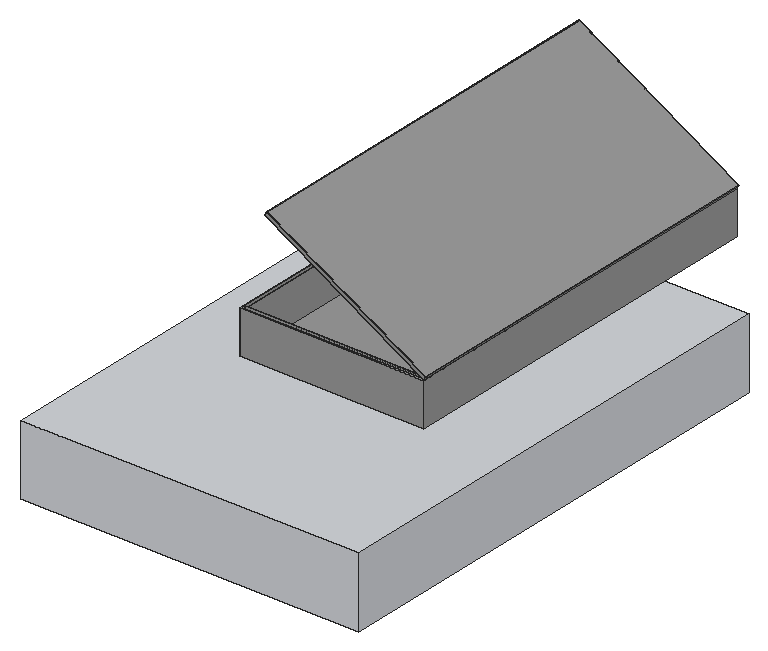
Revit family "Hager-Univers-IP44-D205-H1700-Cl.I-Encl-CH-en", category Equipement électrique, Revit 2020
Family settings
  Hôte = Face
  Configuration du panneau = Deux colonnes, circuits au sein
  Cote de connecteur circulaire = Utiliser le diamètre
  Type d'élément = Tableau de raccordement
  Couper avec des vides une fois chargée = Non
  Partagée = Non
  Point de calcul de pièce = Non
Parameters (values of type "Surface mounted (plaster) IP44 W800 H1700 D205  - FP13TN2")
  Width Control [instance] = if([EF000008 - Width] > Min Width, [EF000008 - Width], Min Width)  # 800 mm
  Commentaires du type = [HG000003 - Range]  # "Univers"
  Thickness Door [instance] = if([EF009171 - Material plate thickness door/cover] > 3 mm, 3 mm, [EF009171 - Material plate thickness door/cover])  # 1 mm
  Seal Frame Offset [instance] = 17 mm  # constant formula
  Plinth Visibility [instance] = [HG000027 - Plinth height] > 0 mm  # no
  Model = ""
  Min Width [instance] = 100 mm  # constant formula
  Min Height [instance] = 100 mm  # constant formula
  Min Depth [instance] = (2 * [EF009170 - Material plate thickness cabinet]) + 1 mm  # 3 mm
  Internal Frame Depth [instance] = (Door System Depth * 0.5)  # 9 mm
  Height Control [instance] = if([EF000040 - Height] > Min Height, [EF000040 - Height], Min Height)  # 1700 mm
  HG000027 - Plinth height = 0 mm
  HG000026 - Floor standing = no
  HG000024 - Bottom section height = 800 mm
  HG000023 - Double section enclosure = no
  HG000016 - Door 3d visibility [instance] = yes
  HG000015 - Clearance visibility [instance] = no
  HG000014 - Door on the right [instance] = yes
  HG000013 - Door on the left [instance] = not([HG000014 - Door on the right])  # no
  HG000012 - Door swing angle [instance] = 30.00°
  HG000010 - Asymmetric doors = no
  HG000009 - Double swing door = no
  HG000006 - Flush mounted = no
  HG000004 - Manufacturer reference = "FP13TN2"
  HG000003 - Range = "Univers"
  HG000002 - With door or cover = yes
  Frame Offset Bottom [instance] = 10 mm  # constant formula
  Frame Offset [instance] = 15 mm  # constant formula
  EF015940 - Cover with overpressure release = no
  EF011959 - Degree of protection (NEMA) = ""
  EF009554 - Number of openings for flange plates = 6
  EF009212 - Cover model = "EV000116 - Closed"
  EF009171 - Material plate thickness door/cover = 1 mm
  EF009170 - Material plate thickness cabinet = 1 mm
  Fabricant = "Hager"  # constant formula
  EF008873 - Nominal current (In) = 400 A
  EF007800 - Suitable for lightning protection = no
  EF006306 - With lock = no
  EF006244 - Transparent cover/door = no
  EF005474 - Degree of protection (IP) = "EV006418 - IP44"
  EF004464 - Type of door = "EV002646 - Single"
  EF004427 - Number of modules = 396
  EF004293 - Impact strength = "EV006815 - IK09"
  EF003532 - Suitable for outdoor use = no
  EF002950 - Width in number of modular spacings = 36
  EF001613 - Circuit integrity = "EV000494 - None"
  EF001596 - Material housing = "EV000179 - Steel"
  EF001131 - Internal depth = 205 mm
  EF001088 - Extension possible = yes
  EF000437 - Number of conduit inlets = 6
  EF000339 - Type of cover = "EV001012 - Cover"
  EF000266 - Number of rows = 11
  EF000218 - Built-in depth = 205 mm
  EF000118 - With mounting plate = no
  EF000116 - RAL-number = "9010"
  EF000049 - Depth = 205 mm
  EF000040 - Height = 1700 mm
  EF000008 - Width = 800 mm
  EF000007 - Colour = "EV000202 - White"
  EF000003 - Mounting method = "EV000384 - Surface mounted (plaster)"
  Door System Leaf Tolerance [instance] = 1.5 mm  # constant formula
  Door System Depth [instance] = 18 mm  # constant formula
  Door Height [instance] = Height Control - [HG000027 - Plinth height]  # 1700 mm
  Depth Control [instance] = if([EF000049 - Depth] > Min Depth, [EF000049 - Depth], Min Depth)  # 205 mm
  Default Elevation = 0 mm
  Connector Offset [instance] = Height Control / 2  # 850 mm
  Bottom Top Plate Trim [instance] = 1.5 mm  # constant formula
  Plinth height Ctrl [instance] = if([HG000027 - Plinth height] > 0 mm, [HG000027 - Plinth height], 12 mm)  # 12 mm
Types (5, lengths in mm): name | Width Control | HG000010 - Asymmetric doors | HG000009 - Double swing door | HG000004 - Manufacturer reference | EF009554 - Number of openings for flange plates | EF008873 - Nominal current (In) | EF004464 - Type of door | EF004427 - Number of modules | EF002950 - Width in number of modular spacings | EF000437 - Number of conduit inlets | EF000008 - Width
  Surface mounted (plaster) IP44 W1050 H1700 D205  - FP14TN2 | 1050 | no | yes | "FP14TN2" | 8 | 400 A | "EV003602 - Double" | 528 | 48 | 8 | 1050
  Surface mounted (plaster) IP44 W1300 H1700 D205  - FP15TN2 | 1300 | yes | yes | "FP15TN2" | 10 | 400 A | "EV003602 - Double" | 660 | 60 | 10 | 1300
  Surface mounted (plaster) IP44 W300 H1700 D205  - FP11TN2 | 300 | no | no | "FP11TN2" | 2 | 250 A | "EV002646 - Single" | 132 | 12 | 2 | 300
  Surface mounted (plaster) IP44 W550 H1700 D205  - FP12TN2 | 550 | no | no | "FP12TN2" | 4 | 250 A | "EV002646 - Single" | 264 | 24 | 4 | 550
  Surface mounted (plaster) IP44 W800 H1700 D205  - FP13TN2 | 800 | no | no | "FP13TN2" | 6 | 400 A | "EV002646 - Single" | 396 | 36 | 6 | 800
Reference planes
  plane 1 "Center (Front/Back)": y = 0
  plane 2: z = 0
  plane 3 "Center (Left/Right)": x = 0
  plane 4: z = 205
  plane 5: y = 1
  plane 6: y = 850
  plane 7: y = 0
  plane 8: y = 1700
  plane 9: z = 0
  plane 10: x = -385
  plane 11: x = 385
  plane 12: x = 384
  plane 13: x = -384
  plane 14: y = 1699
  plane 15: x = -383
  plane 16: x = -400
  plane 17: x = 383
  plane 18: x = 400
  plane 19: x = 399
  plane 20: x = -399
  plane 21: y = 11
  plane 22: y = 1700
  plane 23: y = 1684
  plane 24: z = 187
  plane 25: z = 1
  plane 26: z = 186
  plane 27: z = 204
Forms (mm)
  Extrusion 1, solid
    sketch origin (0, 0, 0) x (1, 0, 0) y (0, 1, 0)
      loop
        line (-702.964, 1305) -> (-702.964, -811.445) -> (766.763, -811.445) -> (766.763, 1305) -> (-702.964, 1305)
    from 0 to -304.8
  Extrusion 2, solid, material "Hager_Steel_RAL7035_Light_Grey", visible <- "Plinth Visibility", detail levels medium+fine
    sketch origin (0, 0, 0) x (1, 0, 0) y (0, 1, 0)
      loop
        line (-400, 0) -> (400, 0) -> (400, 12) -> (-400, 12) -> (-400, 0)
    from 0 to 187
  Extrusion 3, solid, material "Hager_Steel_RAL7035_Light_Grey", detail levels medium+fine
    sketch origin (0, 0, 0) x (1, 0, 0) y (0, 1, 0)
      loop
        line (-400, 0) -> (400, 0) -> (400, 1700) -> (-400, 1700) -> (-400, 0)
    from 0 to 187
  Extrusion 4, void
    sketch origin (0, 0, 0) x (1, 0, 0) y (0, 1, 0)
      loop
        line (-399, 1) -> (399, 1) -> (399, 1699) -> (-399, 1699) -> (-399, 1)
    from 1 to 186
  Extrusion 5, void
    sketch origin (-381.607, -4572, 187) x (0, -1, 0) y (-1, 0, 0)
      loop
        line (-4583, 2.393) -> (-6256, 2.393) -> (-6256, -765.607) -> (-4583, -765.607) -> (-4583, 2.393)
    from 0 to 1 <- "EF009170 - Material plate thickness cabinet"
  Extrusion 6, solid, material "Hager_Steel_RAL7035_Light_Grey", detail levels fine
    sketch origin (0, 0, 187) x (1, 0, 0) y (0, 1, 0)
      loop
        line (-384, 1684) -> (-384, 11) -> (384, 11) -> (384, 1684) -> (-384, 1684)
      loop
        line (-385, 10) -> (385, 10) -> (385, 1685) -> (-385, 1685) -> (-385, 10)
    from 0 to 9 <- "Internal Frame Depth"
  Extrusion 7, solid, material "Hager_Steel_RAL7035_Light_Grey", detail levels coarse
    sketch origin (0, 0, 0) x (1, 0, 0) y (0, 1, 0)
      loop
        line (-400, 0) -> (400, 0) -> (400, 1700) -> (-400, 1700) -> (-400, 0)
    from 0 to 205
  Sweep 8, void
    path in 3D
      loop
        line (-400, 12, 0) -> (400, 12, 0) -> (400, 12, 187) -> (-400, 12, 187) -> (-400, 12, 0)
    profile origin (-400, 12, 93.5) x (-1, 0, 0) y (0, -1, 0)
      loop
        line (0, 0) -> (0, 1.5) -> (-1.5, 1.5)
        arc (-1.5, 1.5) -> (-1.061, 0.439) -> (0, 0) r 1.5
Cuts and joins
  Extrusion 4, Extrusion 5 cuts Extrusion 3
  Sweep 8 cuts Extrusion 2
Lines and regions (mm)
  Masking region 1
    outline origin (0, 0, 0) x (1, 0, 0) y (0, 0, 1)
      loop
        line (-400, 205) -> (-400, 0) -> (400, 0) -> (400, 205) -> (-400, 205)
  Masking region 2, detail levels medium+fine
    outline origin (0, 140, 0) x (0, 1, 0) y (0, 0, 1)
      loop
        line (-140, 0) -> (1560, 0) -> (1560, 187) -> (-140, 187) -> (-140, 0)
  Masking region 3, not visible, detail levels medium+fine
    outline origin (0, 297.922, 0) x (0, 1, 0) y (0, 0, 1)
      loop
        line (563.578, 0) -> (603.578, 0) -> (603.578, 194)
        arc (603.578, 194) -> (600.649, 201.071) -> (593.578, 204) r 10
        line (593.578, 204) -> (563.578, 204) -> (563.578, 0)
  Masking region 4, detail levels coarse
    outline origin (0, 0, 180) x (0, 1, 0) y (0, 0, 1)
      loop
        line (0, -180) -> (1700, -180) -> (1700, 25) -> (0, 25) -> (0, -180)
  Masking region 5, visible <- "Plinth Visibility", detail levels medium+fine
    outline origin (0, 52.24, 12.345) x (0, 0, -1) y (0, 1, 0)
      loop
        line (10.845, -40.24) -> (-173.155, -40.24)
        arc (-173.155, -40.24) -> (-173.594, -41.301) -> (-174.655, -41.74) r 1.5
        line (-174.655, -41.74) -> (-174.655, -52.24) -> (12.345, -52.24) -> (12.345, -41.74)
        arc (12.345, -41.74) -> (11.285, -41.301) -> (10.845, -40.24) r 1.5
  Masking region 6, detail levels medium+fine
    outline origin (-381.607, -4572, 187) x (-1, 0, 0) y (0, -1, 0)
      loop
        line (18.393, -6272) -> (18.393, -4572) -> (-781.607, -4572) -> (-781.607, -6272) -> (18.393, -6272)
  Masking region 7, visible <- "Plinth Visibility", detail levels medium+fine
    outline origin (-381.607, -4727, 187) x (-1, 0, 0) y (0, -1, 0)
      loop
        arc (16.893, -4739) -> (17.332, -4737.939) -> (18.393, -4737.5) r 1.5
        line (18.393, -4737.5) -> (18.393, -4727) -> (-781.607, -4727) -> (-781.607, -4737.5)
        arc (-781.607, -4737.5) -> (-780.546, -4737.939) -> (-780.107, -4739) r 1.5
        line (-780.107, -4739) -> (16.893, -4739)
  Masking region 8, detail levels coarse
    outline origin (-442.548, -4669.526, 187) x (-1, 0, 0) y (0, -1, 0)
      loop
        line (-42.548, -6369.526) -> (-42.548, -4669.526) -> (-842.548, -4669.526) -> (-842.548, -6369.526) -> (-42.548, -6369.526)
  sketch lines
    curve 1: line (-400, 12, 187) -> (-400, 12, 0)
    curve 2: line (400, 12, 187) -> (-400, 12, 187)
    curve 3: line (400, 12, 187) -> (400, 12, 0)
    curve 4: line (-400, 12, 0) -> (400, 12, 0)
Dimensions and locks
  "Depth Control": plane 4 to Extrusion 1
  "HG000027 - Plinth height": plane 1 "Center (Front/Back)" to plane 7
  "EF009170 - Material plate thickness cabinet": plane 5 to plane 7
  locked: connector elem to plane 3 "Center (Left/Right)"
  equal spacing: plane 8, plane 6, plane 7
  locked: connector elem to plane 6
  "EF009170 - Material plate thickness cabinet": plane 8 to plane 14
  "EF009170 - Material plate thickness cabinet": plane 10 to plane 13
  "EF009170 - Material plate thickness cabinet": plane 12 to plane 11
  "Frame Offset": plane 20 to plane 13
  "Frame Offset": plane 12 to plane 19
  "EF009170 - Material plate thickness cabinet": plane 16 to plane 20
  "EF009170 - Material plate thickness cabinet": plane 19 to plane 18
  "Seal Frame Offset": plane 16 to plane 15
  "Seal Frame Offset": plane 17 to plane 18
  "Frame Offset Bottom": plane 21 to plane 5
  "Frame Offset": plane 14 to plane 23
  equal spacing: plane 16, plane 3 "Center (Left/Right)", plane 18
  "Width Control": plane 16 to plane 18
  "EF009170 - Material plate thickness cabinet": plane 4 to plane 27
  "EF009170 - Material plate thickness cabinet": plane 24 to plane 26
  "EF009170 - Material plate thickness cabinet": plane 25 to level
  "Door System Depth": plane 4 to plane 24
  "Height Control": plane 1 "Center (Front/Back)" to Extrusion 7 sketch curve
  "Height Control": Masking region 4 sketch curve to plane 1 "Center (Front/Back)"
  "Height Control": plane 1 "Center (Front/Back)" to plane 22
  "Bottom Top Plate Trim": profile plane to Sweep 8 sketch curve
  "Bottom Top Plate Trim": Sweep 8 sketch curve to profile plane
  "Plinth height Ctrl": plane 1 "Center (Front/Back)" to Extrusion 2 sketch curve
  "Plinth height Ctrl": Masking region 5 sketch curve to plane 1 "Center (Front/Back)"
  "Plinth height Ctrl": plane 1 "Center (Front/Back)" to Masking region 7 sketch curve
  "Thickness Door": Extrusion 6 sketch curve to Extrusion 6 sketch curve  (x3)
  "Thickness Door": cut or joined group of Extrusion 3, Extrusion 4, Extrusion 5 to Extrusion 6 sketch curve
  radius of Masking region 3 sketch curve = 10 mm
  "Bottom Top Plate Trim": radius of Masking region 5 sketch curve  (x2)
  "Bottom Top Plate Trim": radius of Sweep 8 sketch curve
  "Bottom Top Plate Trim": radius of Masking region 7 sketch curve  (x2)
  aligned and locked: plane 2 to Extrusion 1
  aligned and locked: level to Extrusion 1
  aligned and locked: level to Masking region 1 sketch curve
  aligned and locked: Masking region 1 sketch curve to plane 18
  aligned and locked: Masking region 1 sketch curve to plane 16
  aligned and locked: plane 7 to Masking region 2 sketch curve
  aligned and locked: level to Masking region 3 sketch curve
  aligned and locked: Masking region 3 sketch curve to plane 27
  aligned and locked: level to Masking region 2 sketch curve
  aligned and locked: plane 1 "Center (Front/Back)" to Extrusion 2 sketch curve
  aligned and locked: Extrusion 3 sketch curve to plane 7
  aligned and locked: plane 16 to Extrusion 3 sketch curve
  aligned and locked: plane 18 to Extrusion 3 sketch curve
  aligned and locked: plane 20 to Extrusion 4 sketch curve
  aligned and locked: plane 19 to Extrusion 4 sketch curve
  aligned and locked: Extrusion 4 sketch curve to plane 5
  aligned and locked: Extrusion 4 to plane 25
  aligned and locked: plane 26 to Extrusion 4
  aligned and locked: plane 24 to Extrusion 3
  aligned and locked: Extrusion 5 sketch curve to plane 21
  aligned and locked: Extrusion 5 sketch curve to plane 13
  aligned and locked: Extrusion 5 sketch curve to plane 12
  aligned and locked: plane 18 to Extrusion 7 sketch curve
  aligned and locked: plane 1 "Center (Front/Back)" to Extrusion 7 sketch curve
  aligned and locked: plane 16 to Extrusion 7 sketch curve
  aligned and locked: plane 4 to Extrusion 7
  aligned and locked: Extrusion 7 to level
  aligned and locked: level to Masking region 4 sketch curve
  aligned and locked: Masking region 4 sketch curve to plane 1 "Center (Front/Back)"
  aligned and locked: Masking region 4 sketch curve to plane 4
  aligned and locked: nested 1 to level
  aligned and locked: nested 1 to plane 16
  aligned and locked: plane 8 to Extrusion 3 sketch curve
  aligned and locked: plane 23 to Extrusion 5 sketch curve
  aligned and locked: plane 14 to Extrusion 4 sketch curve
  aligned and locked: Masking region 2 sketch curve to plane 8
  aligned and locked: level to Masking region 5 sketch curve
  aligned and locked: plane 16 to Extrusion 2 sketch curve
  aligned and locked: plane 18 to Extrusion 2 sketch curve
  aligned and locked: Masking region 5 sketch curve to plane 24
  aligned and locked: Masking region 2 sketch curve to plane 24
  aligned and locked: plane 24 to Extrusion 2
  aligned and locked: profile plane to Sweep 8 sketch curve  (x2)
  aligned and locked: Masking region 6 sketch curve to plane 18
  aligned and locked: Masking region 6 sketch curve to plane 22
  aligned and locked: Masking region 6 sketch curve to plane 16
  aligned and locked: plane 8 to plane 22
  aligned and locked: Masking region 6 sketch curve to plane 7
  aligned and locked: Masking region 7 sketch curve to plane 16
  aligned and locked: Masking region 7 sketch curve to plane 1 "Center (Front/Back)"
  aligned and locked: Masking region 7 sketch curve to plane 18
  aligned and locked: Masking region 8 sketch curve to plane 1 "Center (Front/Back)"
  aligned and locked: Masking region 8 sketch curve to plane 18
  aligned and locked: Masking region 8 sketch curve to plane 22
  aligned and locked: Masking region 8 sketch curve to plane 16
  aligned and locked: nested 2 to plane 7
  aligned and locked: plane 3 "Center (Left/Right)" to nested 2
  aligned and locked: nested 2 to plane 24
  aligned and locked: Extrusion 6 sketch curve to cut or joined group of Extrusion 3, Extrusion 4, Extrusion 5  (x4)
Automatic sketch dimensions
  Extrusion 1 sketch curve to Extrusion 1 sketch curve = 1469.727 mm
  Extrusion 1 sketch curve to Extrusion 1 sketch curve = 2116.445 mm
  Masking region 1 sketch curve to plane 4 = 0 mm
  plane 6 to Masking region 3 sketch curve = 11.5 mm
  Masking region 3 sketch curve to Masking region 3 sketch curve = 30 mm
  Masking region 5 sketch curve to plane 1 "Center (Front/Back)" = 0 mm
Nested families
  nested 1: "Hager_Enclosure_Symbol" at (-400, 0, 0) x (1, 0, 0) z (0, -1, 0), Height <- "Depth Control", Width <- "Width Control", type "Hager_Enclosure_Symbol"
    with Width_Ctrl 800 mm, Width 800 mm, Height_Ctrl 205 mm, Height 205 mm, A_Width_Int 13.453 mm, A_Width 161.438 mm, A_Height_Ctrl 179.375 mm, A_Height 179.375 mm
  nested 2: "EC000058_Univers_Door" at (0, 0, 187) x (1, 0, 0) z (0, 1, 0), Leaf_Tolerance <- "Door System Leaf Tolerance", Angle <- "HG000012 - Door swing angle", Door_Depth <- "Door System Depth", Door_Left <- "HG000013 - Door on the left", Transparent <- "EF006244 - Transparent cover/door", Assymetrical <- "HG000010 - Asymmetric doors", Width <- "Width Control", Clearance <- "HG000015 - Clearance visibility", Double <- "HG000009 - Double swing door", 3d_Door <- "HG000016 - Door 3d visibility", Lock_Visibility <- "EF006306 - With lock", Width_Ctrl <- "Width Control", Door_Right <- "HG000014 - Door on the right", Door <- "HG000002 - With door or cover", Height <- "Door Height", Thickness <- "Thickness Door", type "EC000058_Univers_Door", detail levels medium+fine
    with min_wh 3 mm, Width_Ctrl 800 mm, Width 800 mm, Transparent no, Thickness 1 mm, Seal_Material Hager_Rubber, Lock_Visibility no, Lock_Material Hager_Plastic_RAL9005_Jet_Black, Leaf_Width 800 mm, Leaf_Tolerance_External_Sides 0 mm, Leaf_Tolerance 1.5 mm, Leaf_Offset 0 mm, Leaf_Height 1697 mm, Leaf_2_Width 800 mm, Leaf_2_Offset 400 mm, Leaf_1_Width 800 mm, Leaf_1_Offset 400 mm, Height_Ctrl 1700 mm, Height 1700 mm, Glass_Material Hager_Glass, Double_Clearance_Ctrl no, Double no, Door_Right_Ctrl yes, Door_Right yes, Door_Material Hager_Steel_RAL7035_Light_Grey, Door_Left_Ctrl no, Door_Left no, Door_Depth 18 mm, Door yes, Clearance_Material Hager_Clearance, Clearance_Depth 800 mm, Clearance_Ctrl no, Clearance no, Assymetrical no, Angle 30.00°, 3d_Door yes
Connectors
  electrical at (0, 850, 0)
    settings: on plane 9, index 1, voltage 0 V, apparent load 0 VA, apparent load phase1 0 VA, apparent load phase2 0 VA, apparent load phase3 0 VA, power factor 1, load classification "Other", number of poles 1, system type 30, power factor state 1, is connector primary yes, connector utility no, sub classification motor no, connector description ""
Definition of nested family "EC000058_Univers_Door"
  Parameters (values of type "EC000058_Univers_Door")
    min_wh [instance] = (2 * Thickness) + 1 mm  # 11 mm
    Width_Ctrl [instance] = 400 mm
    Width [instance] = 500 mm
    Transparent [instance] = yes
    Thickness [instance] = 5 mm
    Seal_Material [instance] = none
    Lock_Visibility [instance] = yes
    Lock_Material [instance] = none
    Leaf_Width [instance] = if((Width_Ctrl - 2 * Leaf_Tolerance_External_Sides) > 0 mm, (Width_Ctrl - 2 * Leaf_Tolerance_External_Sides), min_wh)  # 400 mm
    Leaf_Tolerance_External_Sides [instance] = 0 mm  # constant formula
    Leaf_Tolerance [instance] = 1.5 mm
    Leaf_Offset [instance] = 0 mm  # constant formula
    Leaf_Height [instance] = if((Height_Ctrl - 2 * Leaf_Tolerance) > 0 mm, (Height_Ctrl - 2 * Leaf_Tolerance), min_wh)  # 497 mm
    Leaf_2_Width [instance] = if(and(and(Double, Assymetrical), Door_Left), (Leaf_Width / 3) - (Leaf_Tolerance / 2), if(and(and(Double, Assymetrical), Door_Right), (Leaf_Width / 3) * 2 - (Leaf_Tolerance / 2), if(and(Double, not(Assymetrical)), (Leaf_Width / 2) - Leaf_Tolerance, Leaf_Width)))  # 400 mm
    Leaf_2_Offset [instance] = if(and(Double, Assymetrical), Leaf_2_Width / 2, if(and(Double, not(Assymetrical)), Leaf_Width / 4, Leaf_Width / 2))  # 200 mm
    Leaf_1_Width [instance] = if(and(and(Double, Assymetrical), Door_Right), (Leaf_Width / 3) - (Leaf_Tolerance / 2), if(and(and(Double, Assymetrical), Door_Left), (Width / 3) * 2 - (Leaf_Tolerance / 2), if(and(Double, not(Assymetrical)), (Leaf_Width / 2) - Leaf_Tolerance, Leaf_Width)))  # 400 mm
    Leaf_1_Offset [instance] = if(and(Double, Assymetrical), Leaf_1_Width / 2, if(and(Double, not(Assymetrical)), Leaf_Width / 4, Leaf_Width / 2))  # 200 mm
    Height_Ctrl [instance] = if(Height > min_wh, Height, min_wh)  # 500 mm
    Height [instance] = 500 mm
    Glass_Material [instance] = none
    Double_Clearance_Ctrl [instance] = and(Double, Clearance)  # no
    Double [instance] = no
    Door_Right_Ctrl [instance] = and(or(Door_Right, Double), Door)  # yes
    Door_Right [instance] = yes
    Door_Material [instance] = none
    Door_Left_Ctrl [instance] = and(or(Door_Left, Double), Door)  # no
    Door_Left [instance] = no
    Door_Depth [instance] = 30 mm
    Door [instance] = yes
    Default Elevation = 1219.2 mm
    Clearance_Material [instance] = none
    Clearance_Depth [instance] = if(Leaf_1_Width > Leaf_2_Width, Leaf_1_Width, Leaf_2_Width)  # 400 mm
    Clearance_Ctrl [instance] = and(not(Double), Clearance)  # yes
    Clearance [instance] = yes
    Assymetrical [instance] = yes
    Angle [instance] = 30.00°
    3d_Door [instance] = yes
  Reference planes
    plane 1 "Center (Front/Back)": y = 0
    plane 2 "Bottom": z = 0
    plane 3 "Center (Left/Right)": x = 0
    plane 4: z = 500
    plane 5: x = -200
    plane 6: x = 200
    plane 7: z = 500
    plane 8: x = -200
    plane 9: z = 0
    plane 10: x = 200
    plane 11: y = 0
    plane 12: z = 1.5
    plane 13: x = -600
    plane 14: y = -400
    plane 15: x = 600
    plane 16: x = 0
    plane 17: x = 0
    plane 18: x = -200
    plane 19: x = 200
    plane 20: z = 498.5
  Forms (mm)
    Extrusion 1, solid, material <- "Clearance_Material", visible <- "Double_Clearance_Ctrl"
      sketch origin (1200, 0, 0) x (1, 0, 0) y (0, 0, -1)
        loop
          line (-1800, -498.5) -> (-600, -498.5) -> (-600, 0) -> (-1800, 0) -> (-1800, -498.5)
      from 0 to -400
  Dimensions and locks
    equal spacing: plane 5, plane 3 "Center (Left/Right)", plane 6
    "Width_Ctrl": plane 5 to plane 6
    "Leaf_Offset": plane 5 to plane 8
    "Leaf_Offset": plane 6 to plane 10
    "Leaf_Offset": plane 9 to level
    "Leaf_Offset": plane 4 to plane 7
    "Height_Ctrl": plane 4 to level
    "Leaf_Tolerance": plane 12 to plane 9
    locked: plane 11 to plane 1 "Center (Front/Back)"
    "Leaf_1_Offset": plane 18 to plane 16
    "Leaf_2_Offset": plane 17 to plane 19
    "Leaf_1_Width": plane 13 to plane 8
    "Leaf_2_Width": plane 10 to plane 15
    "Clearance_Depth": plane 14 to plane 1 "Center (Front/Back)"
    "Leaf_Tolerance_External_Sides": plane 8 to plane 18
    "Leaf_Tolerance_External_Sides": plane 19 to plane 10
    "Leaf_Tolerance": plane 7 to plane 20
    aligned and locked: level to plane 2 "Bottom"
    aligned and locked: nested 1 to plane 16
    aligned and locked: nested 2 to plane 17
    aligned and locked: Extrusion 1 to plane 13
    aligned and locked: plane 15 to Extrusion 1
    aligned and locked: Extrusion 1 to plane 14
    aligned and locked: plane 12 to nested 1
    aligned and locked: nested 2 to plane 12
    aligned and locked: Extrusion 1 to plane 11
    aligned and locked: plane 20 to Extrusion 1
    aligned and locked: nested 2 to plane 11
    aligned and locked: nested 1 to plane 11
  Automatic sketch dimensions
    Extrusion 1 sketch curve to level = 0 mm
    plane 5 to Extrusion 1 sketch curve = 400 mm
    plane 6 to Extrusion 1 sketch curve = 400 mm
    Extrusion 1 sketch curve to plane 4 = 1.5 mm
  Nested families
    nested 1: "EC000058_Univers_Door_Leaf" at (0, 0, 1.5), Width <- "Leaf_1_Width", visible <- "Door_Left_Ctrl", Leaf_Height <- "Leaf_Height", Angle <- "Angle", 3d_Door <- "3d_Door", Transparent <- "Transparent", Clearance Material <- "Clearance_Material", Clearance <- "Clearance_Ctrl", Door_Material <- "Door_Material", Glass_Material <- "Glass_Material", Door_Depth <- "Door_Depth", Lock_Material <- "Lock_Material", Seal_Material <- "Seal_Material", Lock_Visibility <- "Lock_Visibility", Thickness <- "Thickness", type "EC000058_Univers_Door_Leaf"
      with Width 400 mm, Transparent_Glass_Offset 30 mm, Transparent_Ctrl yes, Transparent yes, Thickness 5 mm, Standard no, Seal_Material none, Seal_D2 8 mm, Seal_D1 1 mm, Offset_Internal_Frame 10 mm, Lock_Width 20 mm, Lock_Visibility_3d yes, Lock_Visibility yes, Lock_Thickness_3 3 mm, Lock_Thickness_2 1 mm, Lock_Thickness_1 3 mm, Lock_Radius_Offset_2 16 mm, Lock_Radius_Offset_1 15 mm, Lock_Radius_2 5 mm, Lock_Radius 6 mm, Lock_Offset 5 mm, Lock_Material none, Lock_Height 80 mm, Lock_Cover_Top_Offset_2d 17 mm, Lock_Cover_Height -65 mm, Leaf_Height 497 mm, Internal_Seal_Thickness 8 mm, Internal_Seal_Depth_2 4.5 mm, Internal_Frame_Depth 25 mm, Glass_Thickness -1 mm, Glass_Offset -2 mm, Glass_Material none, Door_Material none, Door_Depth 30 mm, Clearance Material none, Clearance yes, Angle_Ctrl 30.00°, Angle 30.00°, 3d_Door yes
    nested 2: "EC000058_Univers_Door_Leaf" at (0, 0, 1.5) x (-1, 0, 0) z (0, 0, 1), Width <- "Leaf_2_Width", visible <- "Door_Right_Ctrl", Leaf_Height <- "Leaf_Height", Angle <- "Angle", 3d_Door <- "3d_Door", Transparent <- "Transparent", Clearance Material <- "Clearance_Material", Clearance <- "Clearance_Ctrl", Door_Material <- "Door_Material", Glass_Material <- "Glass_Material", Door_Depth <- "Door_Depth", Lock_Material <- "Lock_Material", Seal_Material <- "Seal_Material", Lock_Visibility <- "Lock_Visibility", Thickness <- "Thickness", type "EC000058_Univers_Door_Leaf"
      with Width 400 mm, Transparent_Glass_Offset 30 mm, Transparent_Ctrl yes, Transparent yes, Thickness 5 mm, Standard no, Seal_Material none, Seal_D2 8 mm, Seal_D1 1 mm, Offset_Internal_Frame 10 mm, Lock_Width 20 mm, Lock_Visibility_3d yes, Lock_Visibility yes, Lock_Thickness_3 3 mm, Lock_Thickness_2 1 mm, Lock_Thickness_1 3 mm, Lock_Radius_Offset_2 16 mm, Lock_Radius_Offset_1 15 mm, Lock_Radius_2 5 mm, Lock_Radius 6 mm, Lock_Offset 5 mm, Lock_Material none, Lock_Height 80 mm, Lock_Cover_Top_Offset_2d 17 mm, Lock_Cover_Height -65 mm, Leaf_Height 497 mm, Internal_Seal_Thickness 8 mm, Internal_Seal_Depth_2 4.5 mm, Internal_Frame_Depth 25 mm, Glass_Thickness -1 mm, Glass_Offset -2 mm, Glass_Material none, Door_Material none, Door_Depth 30 mm, Clearance Material none, Clearance yes, Angle_Ctrl 30.00°, Angle 30.00°, 3d_Door yes
  Definition of nested family "EC000058_Univers_Door_Leaf"
    Parameters (values of type "EC000058_Univers_Door_Leaf")
      Width [instance] = 2000 mm
      Transparent_Glass_Offset [instance] = 30 mm
      Transparent_Ctrl [instance] = and(Transparent, [3d_Door])  # yes
      Transparent [instance] = yes
      Thickness [instance] = 5 mm
      Standard [instance] = and(not(Transparent), [3d_Door])  # no
      Seal_Material [instance] = none
      Seal_D2 [instance] = 8 mm  # constant formula
      Seal_D1 [instance] = 1 mm  # constant formula
      Offset_Internal_Frame [instance] = 10 mm  # constant formula
      Lock_Width [instance] = 20 mm  # constant formula
      Lock_Visibility_3d [instance] = and(Lock_Visibility, [3d_Door])  # yes
      Lock_Visibility [instance] = yes
      Lock_Thickness_3 [instance] = 3 mm  # constant formula
      Lock_Thickness_2 [instance] = 1 mm  # constant formula
      Lock_Thickness_1 [instance] = 3 mm  # constant formula
      Lock_Radius_Offset_2 [instance] = Lock_Radius_Offset_1 + 1 mm  # 16 mm
      Lock_Radius_Offset_1 [instance] = 15 mm  # constant formula
      Lock_Radius_2 [instance] = Lock_Radius - 1 mm  # 5 mm
      Lock_Radius [instance] = 6 mm  # constant formula
      Lock_Offset [instance] = 5 mm  # constant formula
      Lock_Material [instance] = none
      Lock_Height [instance] = 80 mm  # constant formula
      Lock_Cover_Top_Offset_2d [instance] = Lock_Radius_Offset_2 + 1 mm  # 17 mm
      Lock_Cover_Height [instance] = -(Lock_Height - Lock_Radius_Offset_1)  # -65 mm
      Leaf_Height [instance] = 2720.336 mm
      Internal_Seal_Thickness [instance] = 8 mm  # constant formula
      Internal_Seal_Depth_2 [instance] = 4.5 mm  # constant formula
      Internal_Frame_Depth [instance] = if(Door_Depth - Thickness > 5 mm, Door_Depth - Thickness, 5 mm)  # 25 mm
      Glass_Thickness [instance] = if(Thickness > 15 mm, Glass_Offset + 10 mm, -1 mm)  # -1 mm
      Glass_Offset [instance] = if(Thickness > 15 mm, -(Thickness + 10 mm) / 2, -2 mm)  # -2 mm
      Glass_Material [instance] = none
      Door_Material [instance] = none
      Door_Depth [instance] = 30 mm
      Default Elevation = 0 mm
      Clearance Material [instance] = none
      Clearance [instance] = yes
      Angle_Ctrl [instance] = if(Angle > 180.00°, 180.00°, Angle)  # 90.00°
      Angle [instance] = 90.00°
      3d_Door [instance] = yes
    Reference planes
      plane 1 "Center (Front/Back)": y = 0
      plane 2: z = 0
      plane 3 "Center (Left/Right)": x = 0
      plane 4: y = 2000
      plane 5: x = -1000
      plane 6: x = 1000
      plane 7: x = -3000
      plane 8: z = 2720.336
      plane 9: z = 30
      plane 10: z = 2690.336
      plane 11: x = 970
      plane 12: x = -970
      plane 13: y = -3
      plane 14: z = 107.833
      plane 15: y = -5
      plane 16: y = -223.314
      plane 17: x = -1000
      plane 18: z = 1360.168
      plane 19: y = 30
    Forms (mm)
      Extrusion 1, solid, material <- "Clearance Material", visible <- "Clearance"
        sketch origin (0, 0, 0) x (1, 0, 0) y (0, 0, 1)
          loop
            line (-3000, 2720.336) -> (-3000, 0) -> (1000, 0) -> (1000, 2720.336) -> (-3000, 2720.336)
        from 0 to -2000
      Extrusion 2, solid, material <- "Door_Material", visible <- "Standard", detail levels medium+fine
        sketch origin (-1000, 0, 0) x (0, 1, 0) y (-1, 0, 0)
          loop
            line (0, 30) -> (0, 25) -> (2000, 25) -> (2000, 30) -> (0, 30)
        from 0 to 2720.336 <- "Leaf_Height"
      Extrusion 3, solid, material <- "Door_Material", visible <- "Transparent_Ctrl", detail levels medium+fine
        sketch origin (-1000, 0, 0) x (0, 1, 0) y (-1, 0, 0)
          loop
            line (0, 25) -> (2000, 25) -> (2000, 30) -> (0, 30) -> (0, 25)
        from 0 to 2720.336 <- "Leaf_Height"
      Extrusion 4, void
        sketch origin (-1025, 2000, 0) x (0, 1, 0) y (0, 0, -1)
          loop
            line (-30, -2690.336) -> (-30, -30) -> (-1970, -30) -> (-1970, -2690.336) -> (-30, -2690.336)
        from 0 to 5 <- "Thickness"
      Sweep 5, solid, material <- "Seal_Material", visible <- "Transparent_Ctrl", detail levels fine
        path in 3D
          loop
            line (-1025, 30, 30) -> (-1025, 30, 2690.336) -> (-1025, 1970, 2690.336) -> (-1025, 1970, 30) -> (-1025, 30, 30)
        profile origin (-1025, 1000, 30) x (1, 0, 0) y (0, 0, 1)
          loop
            line (0, 0) -> (0, -8) -> (1, -8) -> (1, 0) -> (0, 0)
      Extrusion 6, solid, material <- "Glass_Material", visible <- "Transparent_Ctrl", detail levels medium+fine
        sketch origin (-1030, 0, 0) x (0, 1, 0) y (0, 0, -1)
          loop
            line (1970, -2690.336) -> (1970, -30) -> (30, -30) -> (30, -2690.336) -> (1970, -2690.336)
        from -2 <- "Glass_Offset" to -1 <- "Glass_Thickness"
      Extrusion 7, solid, material <- "Door_Material", visible <- "3d_Door", detail levels medium+fine
        sketch origin (-1025, 2000, 0) x (0, -1, 0) y (0, 0, -1)
          loop
            line (0, -2720.336) -> (2000, -2720.336) -> (2000, 0) -> (0, 0) -> (0, -2720.336)
          loop
            line (1995, -5) -> (5, -5) -> (5, -2715.336) -> (1995, -2715.336) -> (1995, -5)
        from 0 to 25 <- "Internal_Frame_Depth"
      Sweep 8, solid, material <- "Seal_Material", visible <- "Transparent_Ctrl", detail levels fine
        path in 3D
          loop
            line (-1025, 0, 0) -> (-1025, 2000, 0) -> (-1025, 2000, 2720.336) -> (-1025, 0, 2720.336) -> (-1025, 0, 0)
        profile origin (-1025, 0, 1360.168) x (1, 0, 0) y (0, 1, 0)
          loop
            line (0, 10) -> (2.975, 10)
            arc (2.975, 10) -> (4.053, 10.447) -> (4.5, 11.525) r 1.525
            line (4.5, 11.525) -> (4.5, 16.527)
            arc (4.5, 16.527) -> (4.069, 17.569) -> (3.027, 18) r 1.473
            line (3.027, 18) -> (0, 18) -> (0, 10)
      Extrusion 9, solid, material <- "Lock_Material", visible <- "Lock_Visibility_3d", detail levels fine
        sketch origin (-1030, 0, 0) x (0, 1, 0) y (0, 0, -1)
          loop
            arc (1993.5, -1400.168) -> (1994.561, -1399.729) -> (1995, -1398.668) r 1.5
            line (1995, -1398.668) -> (1995, -1320.168) -> (1975, -1320.168) -> (1975, -1398.668)
            arc (1975, -1398.668) -> (1975.439, -1399.729) -> (1976.5, -1400.168) r 1.5
            line (1976.5, -1400.168) -> (1993.5, -1400.168)
        from 3 <- "Lock_Thickness_1" to 0
      Blend 10, solid, material <- "Lock_Material", visible <- "Lock_Visibility_3d", detail levels fine
        base sketch origin (-1033, 0, 0) x (0, 1, 0) y (0, 0, -1)
          loop
            line (1975, -1320.168) -> (1975, -1398.668)
            arc (1975, -1398.668) -> (1975.439, -1399.729) -> (1976.5, -1400.168) r 1.5
            line (1976.5, -1400.168) -> (1993.5, -1400.168)
            arc (1993.5, -1400.168) -> (1994.561, -1399.729) -> (1995, -1398.668) r 1.5
            line (1995, -1398.668) -> (1995, -1320.168) -> (1975, -1320.168)
        top sketch origin (-1033, 0, 0) x (0, 1, 0) y (0, 0, -1)
          loop
            line (1976, -1320.168) -> (1976, -1398.668)
            arc (1976, -1398.668) -> (1976.146, -1399.022) -> (1976.5, -1399.168) r 0.5
            line (1976.5, -1399.168) -> (1993.5, -1399.168)
            arc (1993.5, -1399.168) -> (1993.854, -1399.022) -> (1994, -1398.668) r 0.5
            line (1994, -1398.668) -> (1994, -1320.168) -> (1976, -1320.168)
        from 0 to 1 <- "Lock_Thickness_2"
      Blend 11, solid, material <- "Lock_Material", visible <- "Lock_Visibility_3d", detail levels fine
        base sketch origin (-1034, 0, 0) x (0, 1, 0) y (0, 0, -1)
          loop
            line (1978, -1320.168) -> (1978, -1384.168)
            arc (1978, -1384.168) -> (1985, -1391.168) -> (1992, -1384.168) r 7
            line (1992, -1384.168) -> (1992, -1320.168) -> (1978, -1320.168)
        top sketch origin (-1034, 0, 0) x (0, 1, 0) y (0, 0, -1)
          loop
            line (1991, -1320.168) -> (1979, -1320.168) -> (1979, -1383.168)
            arc (1979, -1383.168) -> (1985, -1389.168) -> (1991, -1383.168) r 6
            line (1991, -1383.168) -> (1991, -1320.168)
        from 0 to 3 <- "Lock_Thickness_3"
      Extrusion 12, solid, material <- "Lock_Material", visible <- "Lock_Visibility_3d", detail levels fine
        sketch origin (-1030, 1975, 1320.168) x (1, 0, 0) y (0, -1, 0)
          loop
            line (-7, -19) -> (-7, -1) -> (0, -1) -> (0, 0) -> (-8, 0) -> (-8, -20) -> (0, -20) -> (0, -19) -> (-7, -19)
        from 0 to -65 <- "Lock_Cover_Height"
      Extrusion 13, void
        sketch origin (-1038, 1995, 1320.168) x (-1, 0, 0) y (0, 0, -1)
          loop
            line (-5, -65) -> (0, -65) -> (-5, -60) -> (-5, -65)
        from 0 to 20 <- "Lock_Width"
      Extrusion 14, void
        sketch origin (-1038, 1975, 1320.168) x (0, -1, 0) y (0, 0, -1)
          loop
            circle (-10, -15.995) r 6
          loop
            circle (-10, -15.995) r 5
        from 0 to 2
      Extrusion 15, solid, material <- "Lock_Material", visible <- "Lock_Visibility_3d", detail levels medium
        sketch origin (-1030, 0, 0) x (0, 1, 0) y (0, 0, -1)
          loop
            arc (1993.5, -1400.168) -> (1994.561, -1399.729) -> (1995, -1398.668) r 1.5
            line (1995, -1398.668) -> (1995, -1320.168) -> (1975, -1320.168) -> (1975, -1398.668)
            arc (1975, -1398.668) -> (1975.439, -1399.729) -> (1976.5, -1400.168) r 1.5
            line (1976.5, -1400.168) -> (1993.5, -1400.168)
        from 8 to 0
    Cuts and joins
      Extrusion 4 cuts Extrusion 3
      Extrusion 13, Extrusion 14 cuts Extrusion 9
      Extrusion 14 cuts Blend 11
      Extrusion 13, Extrusion 14 cuts Extrusion 12
      joined: Extrusion 9, Blend 10, Blend 11, Extrusion 12
      Extrusion 14 cuts Extrusion 15
    Lines and regions (mm)
      Masking region 1, visible <- "Lock_Visibility", detail levels fine
        outline origin (0, 0, 0) x (0, 1, 0) y (0, 0, 1)
          loop
            line (30, 1320.168) -> (33, 1320.168) -> (33, 1400.168) -> (30, 1400.168) -> (30, 1320.168)
      Masking region 2, visible <- "Lock_Visibility", detail levels fine
        outline origin (0, 3.143, 0) x (0, 1, 0) y (0, 0, 1)
          loop
            line (29.857, 1354.168) -> (30.857, 1354.168) -> (30.857, 1366.168) -> (29.857, 1366.168) -> (29.857, 1354.168)
      Masking region 3, detail levels medium+fine
        outline origin (0, 0, 0) x (0, 1, 0) y (0, 0, 1)
          loop
            line (0, 0) -> (30, 0) -> (30, 2720.336) -> (0, 2720.336) -> (0, 0)
      Masking region 4, detail levels medium+fine
        outline origin (0, 0, 0) x (1, 0, 0) y (0, 0, 1)
          loop
            line (-1000, 2720.336) -> (-1000, 0) -> (1000, 0) -> (1000, 2720.336) -> (-1000, 2720.336)
      Masking region 5, visible <- "Lock_Visibility", detail levels fine
        outline origin (-47.116, 0, 0) x (1, 0, 0) y (0, 0, 1)
          loop
            arc (1024.616, 1399.168) -> (1023.556, 1398.729) -> (1023.116, 1397.668) r 1.5
            line (1023.116, 1397.668) -> (1023.116, 1320.168) -> (1041.116, 1320.168) -> (1041.116, 1397.668)
            arc (1041.116, 1397.668) -> (1040.677, 1398.729) -> (1039.616, 1399.168) r 1.5
            line (1039.616, 1399.168) -> (1024.616, 1399.168)
      Masking region 6, visible <- "Lock_Visibility", detail levels medium+fine
        outline origin (-25, 0, 0) x (1, 0, 0) y (0, 0, 1)
          loop
            arc (1001.5, 1400.168) -> (1000.439, 1399.729) -> (1000, 1398.668) r 1.5
            line (1000, 1398.668) -> (1000, 1320.168) -> (1020, 1320.168) -> (1020, 1398.668)
            arc (1020, 1398.668) -> (1019.561, 1399.729) -> (1018.5, 1400.168) r 1.5
            line (1018.5, 1400.168) -> (1001.5, 1400.168)
      Masking region 7, visible <- "Lock_Visibility", detail levels fine
        outline origin (-73.735, 0, 0) x (1, 0, 0) y (0, 0, 1)
          loop
            line (1051.735, 1382.168) -> (1065.735, 1382.168) -> (1065.735, 1384.168)
            arc (1065.735, 1384.168) -> (1058.735, 1391.168) -> (1051.735, 1384.168) r 7
            line (1051.735, 1384.168) -> (1051.735, 1382.168)
      Masking region 8, visible <- "Lock_Visibility", detail levels fine
        outline origin (-73.735, 0, 0) x (1, 0, 0) y (0, 0, 1)
          loop
            line (1052.735, 1382.168) -> (1064.735, 1382.168) -> (1064.735, 1383.168)
            arc (1064.735, 1383.168) -> (1058.735, 1389.168) -> (1052.735, 1383.168) r 6
            line (1052.735, 1383.168) -> (1052.735, 1382.168)
      Masking region 9, visible <- "Lock_Visibility", detail levels fine
        outline origin (-25, 0, 0) x (1, 0, 0) y (0, 0, 1)
          loop
            line (1020, 1320.168) -> (1020, 1382.168) -> (1000, 1382.168) -> (1000, 1320.168) -> (1020, 1320.168)
      Masking region 10, detail levels medium+fine
        outline origin (0, 0, 0) x (1, 0, 0) y (0, 0, 1)
          loop
            circle (985, 1335.144) r 6
      Masking region 11, detail levels fine
        outline origin (0, 0, 0) x (1, 0, 0) y (0, 0, 1)
          loop
            circle (985, 1335.144) r 5
      Masking region 12, visible <- "Lock_Visibility", detail levels fine
        outline origin (0, 12.767, 0) x (0, 1, 0) y (0, 0, 1)
          loop
            line (20.233, 1320.168) -> (21.233, 1320.168) -> (21.233, 1399.168) -> (20.233, 1400.168) -> (20.233, 1320.168)
      Masking region 13, visible <- "Lock_Visibility", detail levels fine
        outline origin (0, 13.767, -10) x (0, 1, 0) y (0, 0, 1)
          loop
            line (20.233, 1330.168) -> (23.233, 1330.168) -> (23.233, 1399.168) -> (20.233, 1402.168) -> (20.233, 1330.168)
      Masking region 14, visible <- "Lock_Visibility", detail levels fine
        outline origin (0, 12.767, -10) x (0, 1, 0) y (0, 0, 1)
          loop
            line (20.233, 1330.168) -> (25.233, 1330.168) -> (25.233, 1399.305) -> (20.233, 1394.305) -> (20.233, 1330.168)
      Masking region 15, visible <- "Lock_Visibility", detail levels medium
        outline origin (0, 0, 0) x (0, 1, 0) y (0, 0, 1)
          loop
            line (30, 1320.168) -> (38, 1320.168) -> (38, 1400.168) -> (30, 1400.168) -> (30, 1320.168)
      Masking region 16, visible <- "Lock_Visibility", detail levels fine
        outline origin (-1000, 0, 0) x (0, 1, 0) y (-1, 0, 0)
          loop
            line (1975, 30) -> (1995, 30) -> (1995, 38) -> (1975, 38) -> (1975, 30)
          loop
            line (1979, 37) -> (1976, 37) -> (1976, 34) -> (1978, 34) -> (1979, 37)
          loop
            line (1994, 37) -> (1991, 37) -> (1992, 34) -> (1994, 34) -> (1994, 37)
      Masking region 17, visible <- "Lock_Visibility", detail levels medium
        outline origin (-1000, 0, 0) x (0, 1, 0) y (-1, 0, 0)
          loop
            line (1975, 30) -> (1995, 30) -> (1995, 38) -> (1975, 38) -> (1975, 30)
      symbolic lines
        curve 1: line (1000, 0, 0) -> (-3000, 0, 0)
        curve 2: arc (1000, 0, 0) -> (-1000, 2000, 0) -> (-3000, 0, 0) r 2000
        curve 4: line (-1030, 0, 0) -> (-1030, 2000, 0)
      reference lines
        curve 3: line (-1000, 0, 0) -> (-1000, 2000, 0)
      symbolic lines, detail levels medium+fine
        curve 5: line (-1030, 2000, 0) -> (-1025, 2000, 0)
        curve 7: line (-1025, 0, 0) -> (-1030, 0, 0)
        curve 8: line (-1025, 0, 0) -> (-1000, 0, 0)
        curve 9: line (-1000, 0, 0) -> (-1000, 2000, 0)
        curve 10: line (-1000, 2000, 0) -> (-1025, 2000, 0)
      symbolic lines, detail levels fine
        curve 6: line (-1025, 2000, 0) -> (-1025, 0, 0)
      sketch lines
        curve 11: line (-1025, 0, 2720.336) -> (-1025, 0, 0)
        curve 12: line (-1025, 2000, 0) -> (-1025, 0, 0)
        curve 13: line (-1025, 2000, 2720.336) -> (-1025, 2000, 0)
        curve 14: line (-1025, 0, 2720.336) -> (-1025, 2000, 2720.336)
        curve 15: line (-1025, 1970, 30) -> (-1025, 30, 30)
        curve 16: line (-1025, 30, 30) -> (-1025, 30, 2690.336)
        curve 17: line (-1025, 1970, 2690.336) -> (-1025, 1970, 30)
        curve 18: line (-1025, 30, 2690.336) -> (-1025, 1970, 2690.336)
      symbolic lines, visible <- "Transparent", detail levels medium+fine
        curve 19: line (-970, 0, 2690.336) -> (970, 0, 2690.336)
        curve 20: line (-970, 0, 30) -> (-970, 0, 2690.336)
        curve 21: line (970, 0, 30) -> (-970, 0, 30)
        curve 22: line (970, 0, 2690.336) -> (970, 0, 30)
    Dimensions and locks
      "Width": plane 1 "Center (Front/Back)" to plane 4
      equal spacing: plane 5, plane 3 "Center (Left/Right)", plane 6
      "Width": plane 5 to plane 6
      "Width": plane 7 to plane 5
      "Leaf_Height": plane 8 to level
      "Width": curve 5 to curve 3
      "Width": curve 3 to curve 3
      plane 8 to plane 10 = 30 mm
      plane 9 to level = 30 mm
      plane 12 to plane 5 = 30 mm
      plane 6 to plane 11 = 30 mm
      Extrusion 1 to Extrusion 4 sketch curve = 30 mm
      "Transparent_Glass_Offset": curve 3 to Extrusion 4 sketch curve
      "Transparent_Glass_Offset": Extrusion 4 sketch curve to cut or joined group of Extrusion 3, Extrusion 4  (x2)
      cut or joined group of Extrusion 3, Extrusion 4 to Extrusion 6 sketch curve = 30 mm
      "Transparent_Glass_Offset": cut or joined group of Extrusion 3, Extrusion 4 to Extrusion 4 sketch curve
      "Thickness": curve 6 to curve 4
      "Thickness": Extrusion 7 sketch curve to Extrusion 7 sketch curve  (x4)
      "Door_Depth": curve 4 to curve 3
      "Offset_Internal_Frame": profile plane to Sweep 8 sketch curve
      "Internal_Seal_Thickness": Sweep 8 sketch curve to Sweep 8 sketch curve
      "Internal_Seal_Depth_2": profile plane to Sweep 8 sketch curve
      "Seal_D1": profile plane to Sweep 5 sketch curve
      "Seal_D2": profile plane to Sweep 5 sketch curve
      "Thickness": Extrusion 2 sketch curve to Extrusion 2 sketch curve
      equal spacing: Extrusion 9 sketch curve, plane 18, Extrusion 9 sketch curve  (x2)
      equal spacing: Masking region 1 sketch curve, plane 18, Masking region 1 sketch curve
      "Lock_Height": Masking region 1 sketch curve to Masking region 1 sketch curve
      "Lock_Radius": Masking region 2 sketch curve to plane 18 to Masking region 2 sketch curve
      Masking region 2 sketch curve to Masking region 1 = 1 mm
      "Door_Depth": plane 19 to plane 1 "Center (Front/Back)"
      "Lock_Thickness_1": Masking region 1 sketch curve to plane 19
      "Lock_Width": Extrusion 9 sketch curve to Extrusion 9 sketch curve
      "Lock_Height": Extrusion 9 sketch curve to Extrusion 9 sketch curve
      "Lock_Offset": cut or joined group of Extrusion 3, Extrusion 4 to Extrusion 9 sketch curve
      equal spacing: plane 8, plane 18, level
      "Lock_Radius_Offset_1": Blend 11 sketch curve to Blend 10
      locked: Blend 10 to Blend 11 sketch curve at 2  (x2)
      locked: var sketch to Blend 11 sketch curve at 1  (x2)
      "Lock_Radius_Offset_2": Blend 11 sketch curve to Blend 10
      locked: Extrusion 12 sketch curve to Extrusion 12 sketch curve at 1  (x3)
      Masking region 6 sketch curve to Masking region 6 sketch curve = 80 mm
      "Lock_Height": Masking region 6 sketch curve to Masking region 6 sketch curve
      "Lock_Width": Masking region 6 sketch curve to Masking region 6 sketch curve
      locked: Masking region 6 to Masking region 5 sketch curve at 1  (x3)
      locked: Masking region 5 to Masking region 7 sketch curve at 2  (x2)
      "Lock_Radius_Offset_1": Masking region 5 to Masking region 7 sketch curve
      "Lock_Radius_Offset_2": Masking region 5 to Masking region 8 sketch curve
      locked: Masking region 7 to Masking region 8 sketch curve at 1  (x2)
      "Lock_Cover_Top_Offset_2d": Masking region 5 to Masking region 9 sketch curve
      equal spacing: Masking region 9, Masking region 10 sketch curve, Masking region 9
      equal spacing: Masking region 9, Masking region 11 sketch curve, Masking region 9
      Extrusion 15 sketch curve to Extrusion 15 sketch curve = 80 mm
      "Lock_Width": Extrusion 15 sketch curve to Extrusion 15 sketch curve
      "Lock_Height": Extrusion 15 sketch curve to Extrusion 15 sketch curve
      equal spacing: Extrusion 15 sketch curve, plane 18, Extrusion 15 sketch curve
      "Lock_Thickness_3": Masking region 13 sketch curve to Masking region 13 sketch curve
      "Lock_Height": Masking region 12 sketch curve to Masking region 12 sketch curve
      locked: Masking region 13 sketch curve to Masking region 1 at 8
      locked: Masking region 14 sketch curve to Masking region 13 at 1
      locked: Masking region 14 sketch curve to Masking region 1 at 10.863
      "Lock_Height": Masking region 15 sketch curve to Masking region 15 sketch curve
      "Lock_Offset": Extrusion 15 sketch curve to cut or joined group of Extrusion 3, Extrusion 4
      "Lock_Offset": plane 6 to Masking region 6 sketch curve
      radius of Sweep 8 sketch curve = 1.525 mm
      radius of Sweep 8 sketch curve = 1.473 mm
      radius of Extrusion 9 sketch curve = 1.5 mm  (x2)
      "Lock_Radius": radius of Extrusion 14 sketch curve
      "Lock_Radius_2": radius of Extrusion 14 sketch curve
      "Lock_Radius": radius of Masking region 10 sketch curve
      "Lock_Radius_2": radius of Masking region 11 sketch curve
      radius of Extrusion 15 sketch curve = 1.5 mm  (x2)
      "Angle_Ctrl": angle plane 1 "Center (Front/Back)" to curve 3
      locked: Masking region 12 sketch curve to Masking region 12 sketch curve (angle 45.00°)
      locked: Masking region 13 sketch curve to Masking region 13 sketch curve (angle 45.00°)
      locked: Masking region 14 sketch curve to Masking region 14 sketch curve (angle 45.00°)
      aligned and locked: level to plane 2
      aligned and locked: Extrusion 1 to curve 1
      aligned and locked: plane 6 to Extrusion 1
      aligned and locked: Extrusion 1 to plane 1 "Center (Front/Back)"
      aligned and locked: plane 4 to Extrusion 1
      aligned and locked: plane 8 to Extrusion 1
      aligned and locked: curve 7 to Extrusion 2 sketch curve
      aligned and locked: curve 5 to Extrusion 2 sketch curve
      aligned and locked: curve 7 to Extrusion 3 sketch curve
      aligned and locked: Extrusion 3 sketch curve to curve 4
      aligned and locked: Extrusion 3 sketch curve to curve 6
      aligned and locked: Extrusion 3 sketch curve to curve 5
      aligned and locked: curve 9 to curve 3
      aligned and locked: Extrusion 7 sketch curve to cut or joined group of Extrusion 3, Extrusion 4  (x4)
      aligned and locked: plane 17 to curve 3
      aligned and locked: plane 1 "Center (Front/Back)" to curve 3
      aligned and locked: plane 17 to plane 5
      aligned and locked: Sweep 8 sketch curve to profile plane
      aligned and locked: Sweep 5 sketch curve to profile plane  (x2)
      aligned and locked: Masking region 1 to Masking region 2 sketch curve
      aligned and locked: plane 19 to Masking region 1 sketch curve
      aligned and locked: plane 1 "Center (Front/Back)" to Masking region 3 sketch curve
      aligned and locked: plane 19 to Masking region 3 sketch curve
      aligned and locked: level to Masking region 3 sketch curve
      aligned and locked: Masking region 3 sketch curve to plane 8
      aligned and locked: plane 17 to Masking region 4 sketch curve
      aligned and locked: level to Masking region 4 sketch curve
      aligned and locked: Masking region 4 sketch curve to plane 8
      aligned and locked: plane 12 to curve 20
      aligned and locked: plane 10 to curve 19
      aligned and locked: plane 11 to curve 22
      aligned and locked: curve 21 to plane 9
      aligned and locked: Extrusion 2 sketch curve to cut or joined group of Extrusion 3, Extrusion 4
      aligned and locked: Blend 10 sketch curve to Extrusion 9  (x4)
      aligned and locked: Extrusion 9 to Blend 10 sketch curve
      aligned and locked: Blend 10 to Blend 11 sketch curve
      aligned and locked: Extrusion 12 sketch curve to Blend 11
      aligned and locked: Extrusion 12 sketch curve to Extrusion 9  (x4)
      aligned and locked: Masking region 5 sketch curve to Masking region 6
      aligned and locked: Masking region 9 sketch curve to Masking region 6  (x3)
      aligned and locked: Masking region 12 sketch curve to Masking region 1
      aligned and locked: Masking region 13 sketch curve to Masking region 1
      aligned and locked: Masking region 12 to Masking region 14
      aligned and locked: Masking region 14 sketch curve to Masking region 1
      aligned and locked: Masking region 15 sketch curve to Masking region 14
      aligned and locked: Masking region 13 sketch curve to Masking region 12
      aligned and locked: Masking region 16 sketch curve to cut or joined group of Extrusion 14, Extrusion 15  (x4)
      aligned and locked: Masking region 16 sketch curve to cut or joined group of Extrusion 9, Blend 10, Blend 11, Extrusion 12, Extrusion 13, Extrusion 14  (x6)
      aligned and locked: cut or joined group of Extrusion 9, Blend 10, Blend 11, Extrusion 12, Extrusion 13, Extrusion 14 to Masking region 16 sketch curve
      aligned and locked: Masking region 17 sketch curve to cut or joined group of Extrusion 14, Extrusion 15  (x3)
      aligned and locked: Masking region 17 sketch curve to cut or joined group of Extrusion 9, Blend 10, Blend 11, Extrusion 12, Extrusion 13, Extrusion 14
      aligned and locked: Masking region 9 to Masking region 8 sketch curve
      aligned and locked: Masking region 9 to Masking region 7 sketch curve
    Automatic sketch dimensions
      plane 1 "Center (Front/Back)" to curve 2 = 0 mm
      curve 2 to plane 5 = 0 mm
      Extrusion 1 sketch curve to level = 0 mm
      Extrusion 1 sketch curve to plane 7 = 0 mm
      Extrusion 1 sketch curve to plane 6 = 0 mm
      Extrusion 1 sketch curve to plane 8 = 0 mm
      Extrusion 3 to Extrusion 6 sketch curve = 30 mm  (x4)
      Masking region 4 sketch curve to plane 6 = 0 mm
      Blend 10 sketch curve to Extrusion 9 = 1.5 mm
      Blend 10 sketch curve to Extrusion 9 = 1 mm
      Extrusion 13 sketch curve to Extrusion 12 = 0 mm  (x2)
      Extrusion 12 to Extrusion 13 sketch curve = 3 mm
      Extrusion 13 sketch curve to Extrusion 12 = 5 mm
      Extrusion 14 sketch curve to Extrusion 14 sketch curve = 0 mm  (x2)
      Extrusion 14 sketch curve to Extrusion 12 = 10 mm
      Extrusion 14 sketch curve to Extrusion 12 = 15.995 mm
      Masking region 5 sketch curve to Masking region 5 sketch curve = 1.5 mm  (x2)
      Masking region 10 sketch curve to plane 18 = 25.024 mm
      Masking region 11 sketch curve to plane 18 = 25.024 mm
      plane 19 to Masking region 14 sketch curve = 3 mm
      Masking region 16 sketch curve to Masking region 16 sketch curve = 3 mm
      curve 4 to curve 3 = 0 mm
      Blend 10 to Blend 11 sketch curve = 0 mm
      Masking region 6 sketch curve to Masking region 6 sketch curve = 1.5 mm  (x2)
      Masking region 6 sketch curve to plane 18 = 40 mm
      plane 19 to Masking region 12 sketch curve = 3 mm
      Masking region 12 sketch curve to Masking region 12 sketch curve = 1 mm
      Masking region 15 sketch curve to plane 19 = 0 mm
      Masking region 15 sketch curve to plane 18 = 40 mm
      radius of Blend 10 sketch curve to Extrusion 9 = 1 mm
Definition of nested family "Hager_Enclosure_Symbol"
  Parameters (values of type "Hager_Enclosure_Symbol")
    Width_Ctrl [instance] = if(Width > 1 mm, Width, 1 mm)  # 102.27 mm
    Width [instance] = 102.27 mm
    Height_Ctrl [instance] = if(Height > 1 mm, Height, 1 mm)  # 66.5 mm
    A_Width_Int [instance] = if(A_Width / 12 > 2 mm, A_Width / 12, 2 mm)  # 4.364 mm
    A_Width [instance] = if(A_Height_Ctrl * 0.9 > 2 mm, A_Height_Ctrl * 0.9, 2 mm)  # 52.369 mm
    A_Height_Ctrl [instance] = if(A_Height > 2 mm, A_Height, 2 mm)  # 58.188 mm
    Height [instance] = 66.5 mm
    A_Height [instance] = Height - (Height / 8)  # 58.188 mm
  Reference planes
    plane 1 "Centre (avant/arrière)": y = 0
    plane 2: z = 0
    plane 3 "Centre (gauche/droite)": x = 0
    plane 4: x = 52.369
    plane 5: y = 33.042
    plane 6: y = 41.77
    plane 7: y = 66.5
    plane 8: x = 26.184
    plane 9: y = 37.406
    plane 10: x = 102.27
    plane 11: y = 66.5
    plane 12: y = 8.313
  Lines and regions (mm)
    Filled region 1, type "Solid_Black", in view "Niveau de réf."
      outline origin (0, 0, 0) x (1, 0, 0) y (0, 1, 0)
        loop
          line (52.369, 66.5) -> (33.188, 54.536) -> (45.365, 45.006) -> (52.369, 66.5)
    Filled region 2, type "Solid_Black", in view "Niveau de réf."
      outline origin (0, 0, 0) x (1, 0, 0) y (0, 1, 0)
        loop
          line (0, 0) -> (102.27, 0) -> (102.27, 66.5) -> (0, 0)
    detail lines, in view "Niveau de réf."
      curve 1: line (0, 8.313, 0) -> (26.184, 41.77, 0)
      curve 2: line (26.184, 41.77, 0) -> (26.184, 33.042, 0)
      curve 3: line (26.184, 33.042, 0) -> (52.369, 66.5, 0)
  Dimensions and locks
    "A_Width": plane 3 "Centre (gauche/droite)" to plane 4
    equal spacing: plane 3 "Centre (gauche/droite)", plane 8, plane 4
    equal spacing: plane 6, plane 9, plane 5
    equal spacing: curve 3, Filled region 1 sketch curve, Filled region 1 sketch curve
    "Height_Ctrl": plane 1 "Centre (avant/arrière)" to plane 11
    "A_Height_Ctrl": plane 11 to plane 12
    equal spacing: plane 11, plane 9, plane 12
    "A_Width_Int": plane 6 to plane 9
    "Width_Ctrl": plane 3 "Centre (gauche/droite)" to plane 10
    angle Filled region 1 sketch curve to curve 3 = 20.00°
    angle curve 3 to Filled region 1 sketch curve = 20.00°
    locked: curve 3 to Filled region 1 sketch curve (angle 90.00°)
    aligned and locked: plane 10 to Filled region 2
    aligned and locked: plane 11 to Filled region 2 sketch curve
    aligned and locked: plane 10 to Filled region 2 sketch curve
    aligned and locked: plane 3 "Centre (gauche/droite)" to curve 1
    aligned and locked: plane 12 to curve 1
    aligned and locked: plane 7 to plane 11
  Automatic sketch dimensions
    Filled region 1 sketch curve to plane 4 = 0 mm
    Filled region 1 sketch curve to plane 7 = 0 mm
    plane 1 "Centre (avant/arrière)" to Filled region 2 sketch curve = 0 mm
    Filled region 2 sketch curve to plane 3 "Centre (gauche/droite)" = 0 mm
    curve 2 to plane 6 = 0 mm
    curve 2 to plane 8 = 0 mm
    curve 3 to plane 4 = 0 mm
    curve 2 to plane 5 = 0 mm
    curve 3 to plane 7 = 0 mm
